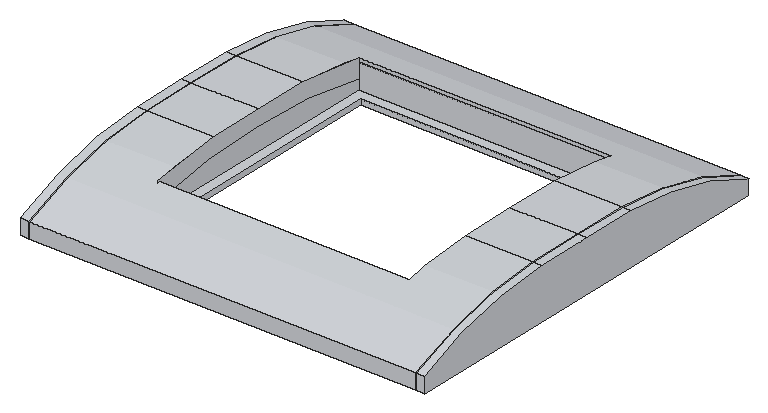
Revit family "Gira_1002334", category Electrical Fixtures, host Face, Revit 2017
Family settings
  Host = Face
  Maintain Annotation Orientation = No
  Round Connector Dimension = Use Diameter
  Part Type = Normal
  Cut with Voids When Loaded = No
  Shared = No
  Room Calculation Point = No
Parameters (values of type "Cov.fr. 2-g w/o cb interm.fr. PW Gira Event Opaque white")
  With mounting grid = "No"
  With hinged lid = "No"
  URL = "http://katalog.gira.de/en/datenblatt.html?artikelnr=1002334"
  Type of fastening = "Clamp mounting"
  Transparent = "No"
  Surface protection = "Other"
  Suitable for wall duct = "No"
  Suitable for flush-mounted installation = "Yes"
  Suitable for floor box = "No"
  Suitable for built-in installation = "No"
  Number of units vertical = "2"
  Number of units horizontal = "2"
  Number of units = "2"
  Name = "Cov.fr. 2-g w/o cb interm.fr. PW Gira Event Opaque white"
  Mounting direction = "Horizontal and vertical"
  Material quality = "Thermoplastic"
  Material = "Plastic"
  Manufacturer URL = "https://www.gira.de/"
  Manufacturer = "Gira"
  Label space/information surface = "No"
  Keynote = ""
  HeinzeBIM = "https://bimportal.heinze.de/bim/cov-fr-2-g-w-o-cb-interm-fr-pw-gira-event-opaque-white/edf39b401286a32b9161e91d6a24d80541097cdd"
  Halogen free = "Yes"
  HAN = "1002334"
  GTIN = "4010337074427"
  Description = "Cov.fr.2g w o cb i.fr.PW EvOp WH,Gira Event Opaque frames,white with pure white glossy intermediate frame,2-gang without crossbar,Features:,- Shatter-proof."
  Degree of protection (IP) = "IP20"
  Default Elevation = 1219.2 mm
  Data sheet (1) = "https://katalog.gira.de/en/download.html?artikelnr=1002334"
  Colour = "White"
  Category = "Cover frame for domestic switching devices"
  BIM (1) = "https://media.stage.bim.site/public/gira/36a6b08/Event_Rahmen_2fach o.Mittelsteg.rfa?public/gira/36a6b08/Event_Rahmen_2fach o.Mittelsteg.rfa"
  Available = "No"
Reference planes
  plane 1 "Center (Front/Back)": y = 0
  plane 2: z = 0
  plane 3 "Center (Left/Right)": x = 0
Forms (mm)
  Extrusion 1, solid, detail levels fine
    sketch origin (0, 0, 1.55) x (0, 1, 0) y (0, 0, 1)
      loop
        arc (12.445, 9.683) -> (6.223, 9.833) -> (0, 9.85) r 291.636
        arc (0, 9.85) -> (-6.223, 9.833) -> (-12.445, 9.683) r 291.636
        arc (-12.445, 9.683) -> (-29.14, 7.482) -> (-45, 1.823) r 79.728
        line (-45, 1.823) -> (-45, -1.55) -> (-41.777, -1.55) -> (-41.777, -0.55)
        arc (-41.777, -0.55) -> (-21.205, 4.846) -> (0, 6.467) r 118.15
        arc (0, 6.467) -> (21.205, 4.846) -> (41.777, -0.55) r 118.15
        line (41.777, -0.55) -> (41.777, -1.55) -> (45, -1.55) -> (45, 1.823)
        arc (45, 1.823) -> (29.14, 7.482) -> (12.445, 9.683) r 79.728
    from -43 to 43
  Extrusion 2, void, detail levels fine
    sketch origin (0, 0, 0) x (1, 0, 0) y (0, 1, 0)
      loop
        line (-28, -28) -> (28, -28) -> (28, 28) -> (-28, 28) -> (-28, -28)
    from 2.85 to 12
  Extrusion 3, solid, detail levels coarse
    sketch origin (0, 0, 0) x (1, 0, 0) y (0, 1, 0)
      loop
        line (-45, 45) -> (-45, -45) -> (45, -45) -> (45, 45) -> (-45, 45)
    from 0 to 11.4
  Extrusion 4, solid, detail levels medium
    sketch origin (0, 0, 1.55) x (0, 1, 0) y (0, 0, 1)
      loop
        arc (12.445, 9.683) -> (6.223, 9.833) -> (0, 9.85) r 291.636
        arc (0, 9.85) -> (-6.223, 9.833) -> (-12.445, 9.683) r 291.636
        arc (-12.445, 9.683) -> (-29.14, 7.482) -> (-45, 1.823) r 79.728
        line (-45, 1.823) -> (-45, -1.55) -> (45, -1.55) -> (45, 1.823)
        arc (45, 1.823) -> (29.14, 7.482) -> (12.445, 9.683) r 79.728
    from -45 to 45
  Extrusion 5, solid, detail levels fine
    sketch origin (0, 0, 0) x (0, 1, 0) y (0, 0, 1)
      loop
        arc (45, 3.373) -> (29.14, 9.032) -> (12.445, 11.233) r 79.728
        arc (12.445, 11.233) -> (6.223, 11.383) -> (0, 11.4) r 291.636
        arc (0, 11.4) -> (-6.223, 11.383) -> (-12.445, 11.233) r 291.636
        arc (-12.445, 11.233) -> (-29.14, 9.032) -> (-45, 3.373) r 79.728
        line (-45, 3.373) -> (-45, 0) -> (45, 0) -> (45, 3.373)
    from 43 to 45
  Extrusion 6, solid, detail levels fine
    sketch origin (0, 0, 0) x (0, 1, 0) y (0, 0, -1)
      loop
        line (45, -3.373) -> (45, 0) -> (-45, 0) -> (-45, -3.373)
        arc (-45, -3.373) -> (-29.14, -9.032) -> (-12.445, -11.233) r 79.728
        arc (-12.445, -11.233) -> (-6.223, -11.383) -> (0, -11.4) r 291.636
        arc (0, -11.4) -> (6.223, -11.383) -> (12.445, -11.233) r 291.636
        arc (12.445, -11.233) -> (29.14, -9.032) -> (45, -3.373) r 79.728
    from 43 to 45
  Extrusion 7, solid, detail levels fine
    sketch origin (0, 0, 0) x (1, 0, 0) y (0, 1, 0)
      loop
        line (-25.7, 25.7) -> (-25.7, -25.7) -> (25.7, -25.7) -> (25.7, 25.7) -> (-25.7, 25.7)
      loop
        line (-29.495, 27.895) -> (-29.495, -27.895)
        spline (-29.495, -27.895) -> (-29.486, -28.025) -> (-29.461, -28.154) -> (-29.419, -28.278) -> (-29.361, -28.395) -> (-29.288, -28.504) -> (-29.202, -28.602) -> (-29.104, -28.688) -> (-28.995, -28.761) -> (-28.878, -28.819) -> (-28.754, -28.861) -> (-28.625, -28.886) -> (-28.495, -28.895)
        line (-28.495, -28.895) -> (28.495, -28.895)
        spline (28.495, -28.895) -> (28.625, -28.886) -> (28.754, -28.861) -> (28.878, -28.819) -> (28.995, -28.761) -> (29.104, -28.688) -> (29.202, -28.602) -> (29.288, -28.504) -> (29.361, -28.395) -> (29.419, -28.278) -> (29.461, -28.154) -> (29.486, -28.025) -> (29.495, -27.895)
        line (29.495, -27.895) -> (29.495, 27.895)
        spline (29.495, 27.895) -> (29.486, 28.025) -> (29.461, 28.154) -> (29.419, 28.278) -> (29.361, 28.395) -> (29.288, 28.504) -> (29.202, 28.602) -> (29.104, 28.688) -> (28.995, 28.761) -> (28.878, 28.819) -> (28.754, 28.861) -> (28.625, 28.886) -> (28.495, 28.895)
        line (28.495, 28.895) -> (-28.495, 28.895)
        spline (-28.495, 28.895) -> (-28.625, 28.886) -> (-28.754, 28.861) -> (-28.878, 28.819) -> (-28.995, 28.761) -> (-29.104, 28.688) -> (-29.202, 28.602) -> (-29.288, 28.504) -> (-29.361, 28.395) -> (-29.419, 28.278) -> (-29.461, 28.154) -> (-29.486, 28.025) -> (-29.495, 27.895)
    from 1.673 to 8.5
Cuts and joins
  Extrusion 2 cuts Extrusion 1
  Extrusion 2 cuts Extrusion 7
Dimensions and locks
  aligned and locked: plane 2 to host face
  aligned and locked: level to host face
